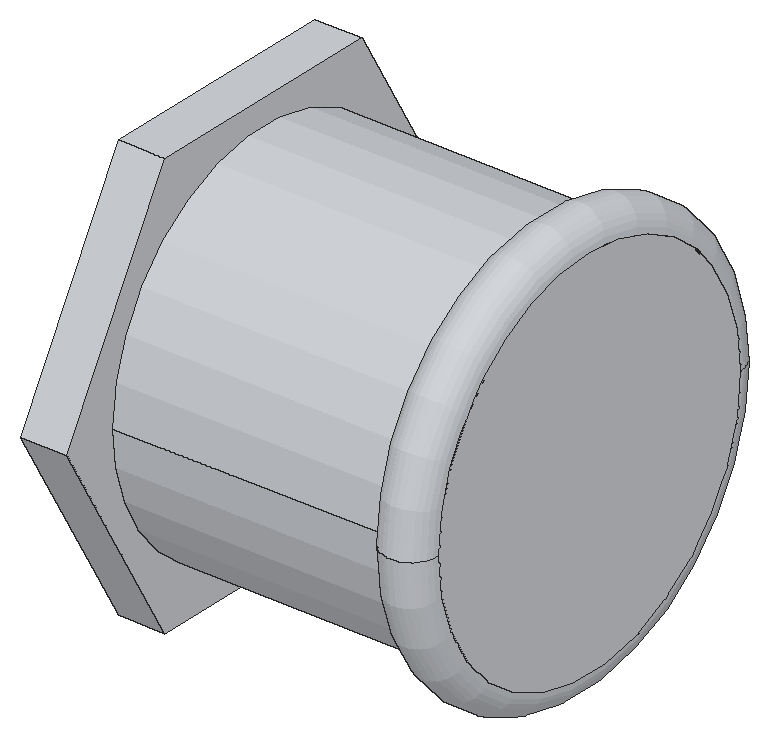
Revit family "M_Conector do conduíte - Compressão - Aço", category Conexões do conduite, Revit 2019
Family settings
  Cota do conector redondo = Usar raio
  Tipo de parte = Múltiplas portas
  Número OmniClass = 23.80.30.17.11
  Título OmniClass = Conduits
  ID de item do Seek = Conduit Connector - Compression - Steel-0000-CAN-ENU
  Com base no plano de trabalho = Não
  Sempre na vertical = Sim
  Corte com vazios quando carregada = Não
  Compartilhado = Não
Parameters (values of type "Padrão")
  Comprimento da rosca [instance] = 0.2 * Comprimento  # 5.874 mm
  Espessura da porca [instance] = 0.1 * Comprimento  # 2.937 mm
  Raio nominal [instance] = 8 mm
  Diâmetro nominal [instance] = Raio nominal * 2  # 16 mm
  Comprimento 5 [instance] = Diâmetro externo da conexão / 14  # 1.701 mm
  Comprimento 4 [instance] = Comprimento 2 * cos(30.00°)  # 13.404 mm
  Comprimento 3 [instance] = Comprimento 2 * sin(30.00°)  # 7.739 mm
  Comprimento 2 [instance] = 1.3 * Raio externo da conexão  # 15.478 mm
  Comprimento 1 [instance] = Comprimento - Comprimento da rosca  # 23.495 mm
  Raio externo da conexão [instance] = Diâmetro externo da conexão / 2  # 11.906 mm
  Diâmetro externo da conexão [instance] = size_lookup(Pesquisa de tamanho de conduite, "FOD", 1.22 * Diâmetro nominal + 6.35 mm, Diâmetro nominal)  # 23.813 mm
  Comprimento [instance] = size_lookup(Pesquisa de tamanho de conduite, "Lgt", 0.76 * Diâmetro nominal + 23.912 mm, Diâmetro nominal)  # 29.369 mm
  Pesquisa de tamanho de conduite = "M_Conduit Connector - Compression - Steel"
Reference planes
  plane 1 "Centro (Frente/Trás)": y = 0
  plane 2: z = 0
  plane 3 "Centro (Esquerda/Direita)": x = 0
  plane 4: x = 2.937
  plane 5: y = 15.478
  plane 6: y = -15.478
  plane 7: y = 7.739
  plane 8: y = -7.739
  plane 9: z = 13.404
  plane 10: z = -13.404
  plane 11: x = 23.495
  plane 12: x = 20.093
  plane 13: x = 21.794
  plane 14: y = 11.906
Forms (mm)
  Extrusion 1, solid, detail levels fine
    sketch origin (0, 0, 0) x (0, 1, 0) y (0, 0, 1)
      loop
        line (7.739, 13.404) -> (-7.739, 13.404) -> (-15.478, 0) -> (-7.739, -13.404) -> (7.739, -13.404) -> (15.478, 0) -> (7.739, 13.404)
    from 0 to 2.937
  Sweep 2, solid, detail levels fine
    path in 3D
      loop
        line (2.937, 0, 0) -> (23.495, 0, 0)
    profile origin (13.216, 0, 0) x (0, 1, 0) y (0, 0, 1)
      loop
        circle (0, 0) r 11.906
  Extrusion 3, solid, detail levels fine
    sketch origin (0, 0, 0) x (0, 1, 0) y (0, 0, 1)
      loop
        circle (0, 0) r 1.588
    from 0 to 23.495
  Revolve 4, solid, detail levels fine
    sketch origin (0, 0, 0) x (1, 0, 0) y (0, 1, 0)
      loop
        circle (21.794, 11.906) r 1.701
      axis (20.093, 0) -> (23.495, 0)
    angle from 0 to 360
Cuts and joins
  joined: Extrusion 1, Sweep 2, Extrusion 3, Revolve 4
Lines and regions (mm)
  model lines, detail levels coarse+medium
    curve 1: line (2.937, 0, 0) -> (23.495, 0, 0)
    curve 3: line (0, 0, 0) -> (2.937, 0, 0)
  sketch lines
    curve 2: line (2.937, 0, 0) -> (23.495, 0, 0)
Dimensions and locks
  "Espessura da porca": plane 3 "Centro (Esquerda/Direita)" to plane 4
  "Comprimento 2": plane 5 to plane 1 "Centro (Frente/Trás)"
  equal spacing: plane 5, plane 1 "Centro (Frente/Trás)", plane 6
  "Comprimento 3": plane 7 to plane 1 "Centro (Frente/Trás)"
  equal spacing: plane 7, plane 1 "Centro (Frente/Trás)", plane 8
  "Comprimento 4": plane 9 to plane 2
  equal spacing: plane 9, plane 2, plane 10
  "Comprimento 4": Extrusion 1 sketch curve to plane 2
  "Comprimento 4": plane 1 "Centro (Frente/Trás)" to Extrusion 1 sketch curve
  "Comprimento 4": Extrusion 1 sketch curve to plane 1 "Centro (Frente/Trás)"
  "Comprimento 1": plane 3 "Centro (Esquerda/Direita)" to plane 11
  equal spacing: plane 12, plane 13, plane 11
  "Comprimento 5": plane 13 to plane 11
  "Raio externo da conexão": plane 14 to plane 1 "Centro (Frente/Trás)"
  "Raio externo da conexão": radius of Sweep 2 sketch curve
  radius of Extrusion 3 sketch curve = 1.588 mm
  "Comprimento 5": radius of Revolve 4 sketch curve
  aligned and locked: plane 7 to Extrusion 1 sketch curve
  aligned and locked: Extrusion 1 sketch curve to plane 9
  aligned and locked: plane 8 to Extrusion 1 sketch curve  (x2)
  aligned and locked: plane 10 to Extrusion 1 sketch curve  (x2)
  aligned and locked: plane 2 to Extrusion 1 sketch curve
  aligned and locked: plane 6 to Extrusion 1 sketch curve
  aligned and locked: plane 5 to Extrusion 1 sketch curve
  aligned and locked: Extrusion 1 to plane 3 "Centro (Esquerda/Direita)"
  aligned and locked: plane 4 to Extrusion 1
  aligned and locked: plane 11 to curve 1
  aligned and locked: plane 1 "Centro (Frente/Trás)" to curve 1
  aligned and locked: plane 1 "Centro (Frente/Trás)" to Sweep 2 sketch curve
  aligned and locked: plane 2 to Sweep 2 sketch curve
  aligned and locked: plane 3 "Centro (Esquerda/Direita)" to curve 3
  aligned and locked: plane 4 to curve 3
  aligned and locked: plane 1 "Centro (Frente/Trás)" to curve 3
  aligned and locked: plane 1 "Centro (Frente/Trás)" to Extrusion 3 sketch curve
  aligned and locked: plane 2 to Extrusion 3 sketch curve
  aligned and locked: Extrusion 3 to plane 3 "Centro (Esquerda/Direita)"
  aligned and locked: plane 11 to Extrusion 3
  aligned and locked: plane 13 to Revolve 4 sketch curve
  aligned and locked: Revolve 4 sketch curve to curve 1
Automatic sketch dimensions
  Revolve 4 sketch curve to plane 14 = 0 mm
  Revolve 4 sketch curve to plane 4 = 0 mm
  Revolve 4 sketch curve to plane 11 = 0 mm
Connectors
  cabletrayconduit at (0, 0, 0), diameter 16, driven by "Raio nominal"
    settings: on Extrusion 3, index 1, connector width 304.8 mm, connector height 304.8 mm, connector angle 0.00°, system type 32, placement type 0, profile type 0, connector reference index 2, is primary connector yes, connector utility param no, connector description ""
  cabletrayconduit at (23.495, 0, 0), diameter 16, driven by "Raio nominal"
    settings: on cut or joined group of Extrusion 1, Sweep 2, Extrusion 3, Revolve 4, index 2, connector width 304.8 mm, connector height 304.8 mm, connector angle 0.00°, system type 32, placement type 0, profile type 0, connector reference index 1, is primary connector no, connector utility param no, connector description ""
